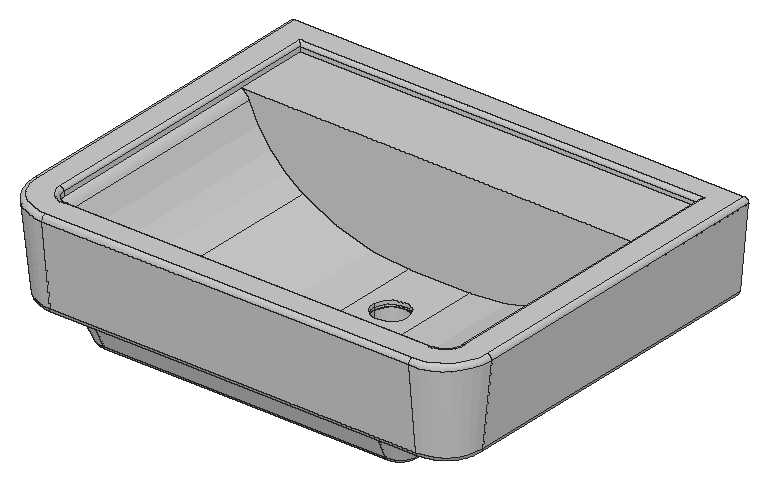
Revit family "NLRS_74_PF_UN_wastafel_S8310315000_SPHINX_BCB", category Plumbing Fixtures, Revit 2016
Family settings
  Part Type = Normal
  Round Connector Dimension = Use Radius
  OmniClass Number = 23.45.00.00
  OmniClass Title = Sanitary, Laundry, and Cleaning Equipment
  Work Plane-Based = No
  Always vertical = Yes
  Cut with Voids When Loaded = No
  Shared = No
  Room Calculation Point = No
Parameters
  NLRS_C_type = "Wastafel zonder kraangat en overloop"
  NLRS_C_serie = "320"
  NLRS_C_revit_versie = "2016"
  NLRS_C_content_versie = "2.0"
  NLRS_C_content_provider = "BouwConnect"
  NLRS_C_content_datum_uitgifte = "APR-2018"
  NLRS_C_content_datum_gewijzigd = "APR-2018"
  NLRS_C_content_creator = "BouwConnect"
  NLRS_C_URL_product_data = "http://www.sphinx.nl/producten/wastafels-%7C-fonteinen/wastafels/sphinx-320-%7C-wastafel-60-cm/28685/"
  afvoer_radius = 22.5 mm
  WFU = 0
  URL = "http://www.sphinx.nl/"
  Type Comments = ""
  NLRS_S_gewicht = 19.00 kg
  NLRS_C_materiaal = none
  NLRS_C_lengte = 480 mm
  NLRS_C_hoogte = 195 mm
  NLRS_C_diameter_uit = 45 mm
  NLRS_C_diameter_in = 35 mm
  NLRS_C_breedte = 600 mm
  Model = ""
  Manufacturer = "Sphinx"
  Keynote = ""
  IfcTypeProduct = "IfcSanitaryTerminalType"
  IfcExportType = "SINK"
  IfcExportAs = "IfcSanitaryTerminalTypeEnum"
  IfcElement = "IfcFlowTerminal"
  NLRS_C_code_EAN = "8711754407688"
  Description = "wastafel"
  NLRS_C_URL_BCB = "http://bcb-online.nl/?zoekterm=Sphinx+++%5bGeberit+B.V.%5d"
  Assembly Code = "47.11"
Reference planes
  plane 1 "Center (Front/Back)": y = 0
  plane 2: z = 0
  plane 3 "Center (Left/Right)": x = 0
Forms (mm)
  Sweep 1, solid, material "bcb_porselein", detail levels medium+fine
    path origin (0, 0, 0) x (1, 0, 0) y (0, 1, 0)
      loop
        line (-299.965, 0) -> (-299.965, -420)
        arc (-299.965, -420) -> (-282.392, -462.426) -> (-239.965, -480) r 60
        line (-239.965, -480) -> (240.035, -480)
        arc (240.035, -480) -> (282.461, -462.426) -> (300.035, -420) r 60
        line (300.035, -420) -> (300.035, 0)
    profile origin (-299.965, -210, 0) x (1, 0, 0) y (0, 0, 1)
      loop
        arc (6.022, 0) -> (1.76, -1.777) -> (0.023, -6.056) r 6
        arc (0.023, -6.056) -> (3.224, -60.155) -> (11.789, -113.667) r 544.353
        arc (11.789, -113.667) -> (14.579, -118.226) -> (19.616, -120.011) r 8
        line (19.616, -120.011) -> (40.016, -120.011) -> (40.016, -10) -> (30.016, -10) -> (30.016, 0) -> (6.022, 0)
  Extrusion 2, solid, material "bcb_porselein", detail levels medium+fine
    sketch origin (0, 0, 0) x (1, 0, 0) y (0, 1, 0)
      loop
        line (-259.949, -130) -> (260.019, -130) -> (260.019, 0) -> (-259.949, 0) -> (-259.949, -130)
    from -120.011 to -10
  Extrusion 3, void
    sketch origin (0, -50, 0) x (1, 0, 0) y (0, 1, 0)
      loop
        circle (0, -160) r 22.5
    from -210.292 to -76.605
  Revolve 4, solid, material "bcb_porselein", detail levels medium+fine
    sketch origin (0, -210, -24.836) x (1, 0, 0) y (0, 0, 1)
      loop
        line (-18.358, -165.164) -> (-18.358, -128.644) -> (-78.313, -128.644) -> (-43.03, -132.245)
        arc (-43.03, -132.245) -> (-37.594, -135.135) -> (-35.288, -140.843) r 9
        line (-35.288, -140.843) -> (-34.507, -163.215)
        arc (-34.507, -163.215) -> (-33.891, -164.597) -> (-32.488, -165.164) r 2.02
        line (-32.488, -165.164) -> (-18.358, -165.164)
      axis (0, -128.644) -> (0, -165.164)
    angle from 0 to 360
  Extrusion 5, solid, material "bcb_porselein", detail levels medium+fine
    sketch origin (1000, 0, 0) x (1, 0, 0) y (0, 0, 1)
      loop
        arc (-1039.66, -145.359) -> (-1112.195, -135.252) -> (-1179.205, -105.702) r 265.344
        arc (-1179.205, -105.702) -> (-1221.149, -69.174) -> (-1249.215, -21.154) r 171.682
        arc (-1249.215, -21.154) -> (-1253.451, -14.489) -> (-1259.949, -10) r 19.874
        line (-1259.949, -10) -> (-1262.114, -15.056)
        arc (-1262.114, -15.056) -> (-1257.414, -18.303) -> (-1254.35, -23.123) r 14.374
        arc (-1254.35, -23.123) -> (-1225.385, -72.682) -> (-1182.097, -110.38) r 177.182
        arc (-1182.097, -110.38) -> (-1113.698, -140.543) -> (-1039.66, -150.859) r 270.844
        line (-1039.66, -150.859) -> (-960.34, -150.859)
        arc (-960.34, -150.859) -> (-886.302, -140.543) -> (-817.903, -110.38) r 270.844
        arc (-817.903, -110.38) -> (-774.615, -72.682) -> (-745.65, -23.123) r 177.182
        arc (-745.65, -23.123) -> (-742.586, -18.303) -> (-737.886, -15.056) r 14.374
        line (-737.886, -15.056) -> (-740.051, -10)
        arc (-740.051, -10) -> (-746.549, -14.489) -> (-750.785, -21.154) r 19.874
        arc (-750.785, -21.154) -> (-778.851, -69.174) -> (-820.795, -105.702) r 171.682
        arc (-820.795, -105.702) -> (-887.805, -135.252) -> (-960.34, -145.359) r 265.344
        line (-960.34, -145.359) -> (-1039.66, -145.359)
    from 130 to 439.984
  Sweep 6, solid, material "bcb_porselein", detail levels medium+fine
    path origin (0, 0, 0) x (1, 0, 0) y (0, 1, 0)
      loop
        arc (-269.949, -420) -> (-261.167, -441.202) -> (-239.965, -449.984) r 29.984
        line (-239.965, -449.984) -> (240.035, -449.984)
        arc (240.035, -449.984) -> (261.236, -441.202) -> (270.019, -420) r 29.984
        line (270.019, -420) -> (270.019, -23) -> (-269.949, -23) -> (-269.949, -420)
    profile origin (-269.949, -221.5, 0) x (-1, 0, 0) y (0, 0, 1)
      loop
        line (0, 0) -> (-5, 0)
        arc (-5, 0) -> (-8.536, -1.464) -> (-10, -5) r 5
        line (-10, -5) -> (-10, -10) -> (0, -10) -> (0, 0)
  Extrusion 7, solid, material "bcb_porselein", detail levels medium+fine
    sketch origin (-1000, 0, 0) x (1, 0, 0) y (0, 1, 0)
      loop
        line (1270.019, -23) -> (1270.019, 0) -> (730.051, 0) -> (730.051, -23) -> (1270.019, -23)
    from -10 to 0
  Extrusion 8, solid, material "bcb_porselein", detail levels medium+fine
    sketch origin (-2000, 0, 0) x (1, 0, 0) y (0, 0, 1)
      loop
        arc (1774.847, -158.842) -> (1777.583, -163.581) -> (1782.725, -165.453) r 8
        line (1782.725, -165.453) -> (1808.288, -165.453)
        arc (1808.288, -165.453) -> (1812.533, -165.156) -> (1816.696, -164.271) r 30.505
        line (1816.696, -164.271) -> (1823.33, -162.369)
        arc (1823.33, -162.369) -> (1830.08, -160.934) -> (1836.964, -160.453) r 49.462
        line (1836.964, -160.453) -> (1864.284, -160.453)
        arc (1864.284, -160.453) -> (2000.035, -153.636) -> (2135.785, -160.453) r 1355
        line (2135.785, -160.453) -> (2163.106, -160.453)
        arc (2163.106, -160.453) -> (2169.99, -160.934) -> (2176.739, -162.369) r 49.462
        line (2176.739, -162.369) -> (2183.373, -164.271)
        arc (2183.373, -164.271) -> (2187.536, -165.156) -> (2191.782, -165.453) r 30.505
        line (2191.782, -165.453) -> (2217.344, -165.453)
        arc (2217.344, -165.453) -> (2222.486, -163.581) -> (2225.222, -158.842) r 8
        line (2225.222, -158.842) -> (2232.069, -120.011) -> (1768, -120.011) -> (1774.847, -158.842)
    from 0 to 20
  Sweep 9, solid, material "bcb_porselein", detail levels medium+fine
    path origin (0, 1.016, 0) x (1, 0, 0) y (0, 1, 0)
      loop
        line (219.519, -21.016) -> (219.519, -426)
        arc (219.519, -426) -> (209.267, -450.749) -> (184.519, -461) r 35
        line (184.519, -461) -> (-184.449, -461)
        arc (-184.449, -461) -> (-209.198, -450.749) -> (-219.449, -426) r 35
        line (-219.449, -426) -> (-219.449, -21.016)
    profile origin (-219.449, -222.492, 0) x (-1, 0, 0) y (0, 0, 1)
      loop
        line (1.537, -120.011) -> (-20, -120.011) -> (-20, -152.346) -> (-18.637, -152.346)
        arc (-18.637, -152.346) -> (-14.339, -151.093) -> (-11.387, -147.727) r 8
        line (-11.387, -147.727) -> (1.537, -120.011)
  Extrusion 10, solid, material "bcb_porselein", detail levels medium+fine
    sketch origin (5, 0, 0) x (1, 0, 0) y (0, 1, 0)
      loop
        arc (179.519, -439.984) -> (190.125, -435.59) -> (194.519, -424.984) r 15
        line (194.519, -424.984) -> (194.519, -20) -> (-204.449, -20) -> (-204.449, -424.984)
        arc (-204.449, -424.984) -> (-200.056, -435.59) -> (-189.449, -439.984) r 15
        line (-189.449, -439.984) -> (179.519, -439.984)
    from -152.346 to -150
  Extrusion 11, solid, material "bcb_porselein", detail levels medium+fine
    sketch origin (0, 0, 0) x (1, 0, 0) y (0, 1, 0)
      loop
        arc (-259.949, -419.984) -> (-254.091, -434.126) -> (-239.949, -439.984) r 20
        line (-239.949, -439.984) -> (-164.949, -439.984) -> (-164.949, -97.023) -> (-259.949, -97.023) -> (-259.949, -419.984)
    from -120.011 to -118
  Extrusion 12, solid, material "bcb_porselein", detail levels medium+fine
    sketch origin (0.069, 0, 0) x (-1, 0, 0) y (0, -1, 0)
      loop
        line (-259.949, 419.984) -> (-259.949, 97.023) -> (-164.949, 97.023) -> (-164.949, 439.984) -> (-239.949, 439.984)
        arc (-239.949, 439.984) -> (-254.091, 434.126) -> (-259.949, 419.984) r 20
    from -120.011 to -118
  Extrusion 13, solid, not visible
    sketch origin (-22.5, -50, 0) x (1, 0, 0) y (0, 1, 0)
      loop
        circle (22.5, -160) r 22.5
    from -190 to -188
  Extrusion 14, solid, material "bcb_porselein", detail levels medium+fine
    sketch origin (0, 0, 0) x (1, 0, 0) y (0, 1, 0)
      loop
        line (199.519, -20) -> (-199.449, -20) -> (-199.449, -130) -> (199.519, -130) -> (199.519, -20)
    from -145.359 to -90
  Extrusion 15, solid, material "bcb_porselein", detail levels coarse
    sketch origin (0, 0, 0) x (1, 0, 0) y (0, 1, 0)
      loop
        line (-299.988, 0) -> (-299.988, -420)
        arc (-299.988, -420) -> (-282.414, -462.426) -> (-239.988, -480) r 60
        line (-239.988, -480) -> (240.012, -480)
        arc (240.012, -480) -> (282.439, -462.426) -> (300.012, -420) r 60
        line (300.012, -420) -> (300.012, 0) -> (-299.988, 0)
    from -120.011 to 0
  Extrusion 16, void
    sketch origin (0, 0, 0) x (1, 0, 0) y (0, 1, 0)
      loop
        line (-259.949, -130) -> (-259.949, -419.984)
        arc (-259.949, -419.984) -> (-254.091, -434.126) -> (-239.949, -439.984) r 20
        line (-239.949, -439.984) -> (239.949, -439.984)
        arc (239.949, -439.984) -> (254.091, -434.126) -> (259.949, -419.984) r 20
        line (259.949, -419.984) -> (259.949, -130) -> (-259.949, -130)
    from -100 to 10
Cuts and joins
  Extrusion 3 cuts Sweep 1
  Extrusion 3 cuts Extrusion 2
  Extrusion 3 cuts Extrusion 7
  Extrusion 3 cuts Extrusion 8
  Extrusion 3 cuts Extrusion 11
  Extrusion 3 cuts Extrusion 12
  joined: Sweep 1, Extrusion 2, Sweep 6, Extrusion 7, Extrusion 8, Extrusion 11, Extrusion 12, Extrusion 14
  Extrusion 3 cuts Revolve 4
  Extrusion 3 cuts Extrusion 5
  Extrusion 3 cuts Sweep 9
  Extrusion 3 cuts Extrusion 10
  joined: Sweep 9, Extrusion 10
  Extrusion 16 cuts Extrusion 15
Dimensions and locks
  aligned and locked: level to plane 2
Connectors
  piping at (0, -210, -190), diameter 45, driven by "WFU", driven by "afvoer_radius"
    settings: on Extrusion 13, index 1, connector inside diameter 45 mm, connector length 0 mm, flow factor 0, pipe flow 0.0 L/s, pressure drop 0.0 Pa, fitting loss kfactor 0, connector angle 0.00°, fixture units 0, engagement length 0 mm, angle of deflection 0.00°, flow configuration 3, flow direction 2, fitting loss method 0, system type 16, joint type 0, gender type 0, connector reference index -1, connector utility 0, adjustable connector no, is connector primary yes, connector description "out"
